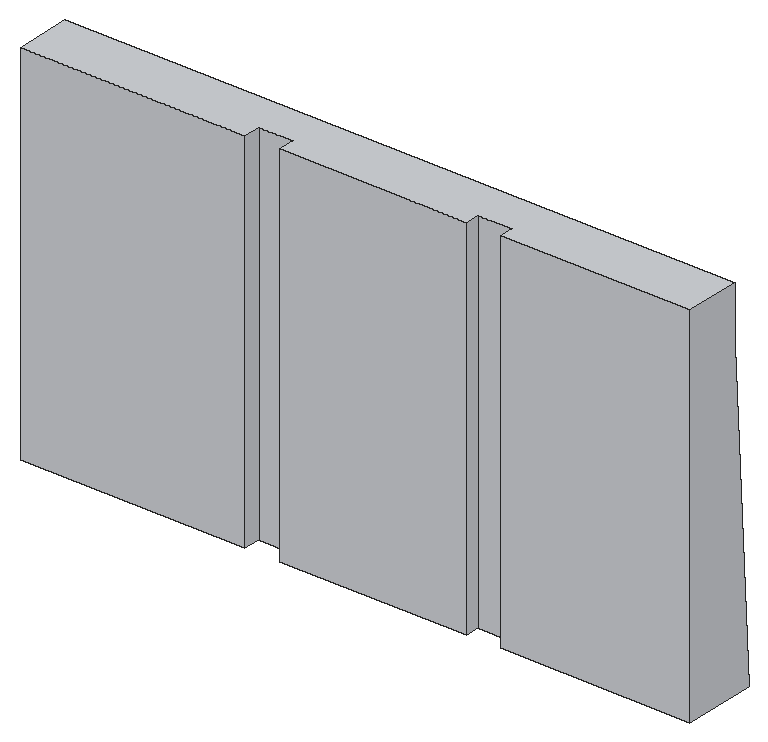
Revit family "闸墩 - 边墩", category 结构柱, Revit 2019
Family settings
  横断面形状 = 未定义
  用于模型行为的材质 = 其他
  始终导出为几何图形 = 否
  平面中的梁缩进 = 从边界框
  OmniClass 编号 = 23.25.30.11.14.11
  OmniClass 标题 = Columns
  加载时剪切的空心 = 否
  符号表示法 = 从族
  共享 = 否
  在平面视图中显示族的预剪切 = 是
Parameters
  高 [instance] = 6620 mm
  边墩顶宽 = 1000 mm
  槽2深 = 250 mm
  槽2宽 = 600 mm
  槽2位置 = 8000 mm
  槽1深 = 300 mm
  槽1宽 = 620 mm
  槽1位置 = 4030 mm
  斜墙高 = 5620 mm
  边墩底宽 = 1300 mm
  边墩长度 = 12000 mm
  型号 = "\"LOCK_CHAMBER_PIER_SIDE\""
Reference planes
  plane 1 "中心(前/后)": y = 0
  plane 2: z = 0
  plane 3 "中心(左/右)": x = 0
  plane 4 "左": x = -6000
  plane 5 "右": x = 6000
  plane 6 "后": y = 650
  plane 7 "前": y = -650
  plane 8: z = 5620
  plane 9: y = 350
  plane 10: x = -1970
  plane 11: x = 2000
  plane 12: x = -1350
  plane 13: x = 2600
  plane 14: y = -350
  plane 15: y = -400
Forms (mm)
  Extrusion 1, solid
    sketch origin (-6000, 0, 0) x (0, -1, 0) y (0, 0, 1)
      loop
        line (-650, 0) -> (650, 0) -> (650, 6620) -> (-350, 6620) -> (-350, 5620) -> (-650, 0)
    from -12000 to 0
  Extrusion 2, void
    sketch origin (0, 0, 0) x (1, 0, 0) y (0, 1, 0)
      loop
        line (-1970, -350) -> (-1970, -650) -> (-1350, -650) -> (-1350, -350) -> (-1970, -350)
      loop
        line (2000, -400) -> (2000, -650) -> (2600, -650) -> (2600, -400) -> (2000, -400)
    from 0 to 6620
Cuts and joins
  Extrusion 2 cuts Extrusion 1
Dimensions and locks
  "边墩长度": plane 4 "左" to plane 5 "右"
  "边墩底宽": plane 7 "前" to plane 6 "后"
  equal spacing: plane 4 "左", plane 3 "中心(左/右)", plane 5 "右"
  equal spacing: plane 7 "前", plane 1 "中心(前/后)", plane 6 "后"
  plane 8 to level = 5620 mm
  "边墩顶宽": plane 7 "前" to plane 9
  "斜墙高": plane 8 to level
  "槽1位置": plane 4 "左" to plane 10
  "槽2位置": plane 4 "左" to plane 11
  "槽1宽": plane 10 to plane 12
  "槽2宽": plane 11 to plane 13
  "槽1深": plane 7 "前" to plane 14
  "槽2深": plane 7 "前" to plane 15
  "高": level to level
  aligned and locked: level to plane 2
  aligned and locked: Extrusion 1 to plane 6 "后"
  aligned and locked: plane 7 "前" to Extrusion 1
  aligned and locked: Extrusion 1 to plane 5 "右"
  aligned and locked: plane 4 "左" to Extrusion 1
  aligned and locked: Extrusion 1 to level
  aligned and locked: level to Extrusion 1
  aligned and locked: plane 9 to Extrusion 1
  aligned and locked: Extrusion 2 sketch curve to plane 14
  aligned and locked: plane 10 to Extrusion 2 sketch curve
  aligned and locked: Extrusion 2 sketch curve to plane 7 "前"  (x2)
  aligned and locked: Extrusion 2 sketch curve to plane 12
  aligned and locked: Extrusion 2 sketch curve to plane 15
  aligned and locked: plane 11 to Extrusion 2 sketch curve
  aligned and locked: Extrusion 2 sketch curve to plane 13
  aligned and locked: level to cut or joined group of Extrusion 1, Extrusion 2
Automatic sketch dimensions
  Extrusion 1 sketch curve to level = 0 mm
  Extrusion 1 sketch curve to plane 6 "后" = 0 mm
  level to Extrusion 1 sketch curve = 0 mm
  Extrusion 1 sketch curve to plane 9 = 0 mm
  Extrusion 1 sketch curve to plane 7 "前" = 0 mm
  Extrusion 1 sketch curve to plane 8 = 0 mm
